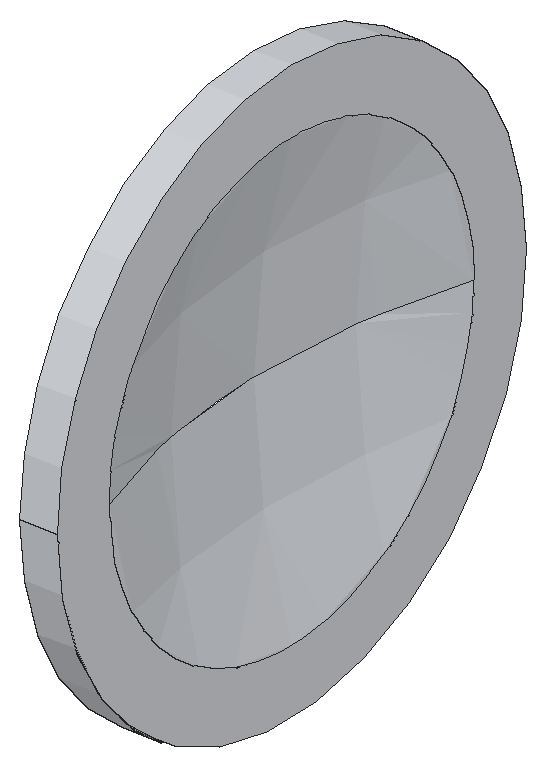
Revit family "5bed89c66ae74200a5393e644ad81085", category Pipe Fittings, Revit 2021
Family settings
  Round Connector Dimension = Use Radius
  Part Type = Cap
  OmniClass Number = 23.60.30.11.14
  OmniClass Title = Pipework Fittings
  Seek Item ID = Cap - PVC - Sch 40-0000-USA-ENU
  Work Plane-Based = No
  Always vertical = Yes
  Cut with Voids When Loaded = No
  Shared = No
Parameters (values of type "Standard")
  Nominal Radius [instance] = 7.0000"
  Nominal Diameter [instance] = Nominal Radius * 2  # 14.0000"
  Loss Method = Not Defined
  Socket Outside Radius [instance] = Socket Outside Diameter / 2  # 8.0950"
  Socket Outside Diameter [instance] = size_lookup(Lookup Table Name, "SOD", 1.08 * Nominal Diameter + 1.12109", Nominal Diameter)  # 16.1900"
  Lookup Table Name = "Plug Dished - MJ - DI - Class 250"
  Length 1 [instance] = (((Socket Outside Radius * Socket Outside Radius) / Gland Width) - Gland Width) / 2  # 24.35608"
  Default Elevation = 0.0000"
  Bevel Length [instance] = size_lookup(Lookup Table Name, "BvLgt", 0.04 * Nominal Diameter + 0.4300", Nominal Diameter)  # 0.8900"
  Gland Width [instance] = size_lookup(Lookup Table Name, "GWid", 0.03 * Nominal Diameter + 0.9400", Nominal Diameter)  # 1.3100"
  Gland Outside Radius [instance] = Gland Outside Diameter / 2  # 10.1250"
  Gland Outside Diameter [instance] = size_lookup(Lookup Table Name, "GOD", 1.16 * Nominal Diameter + 4.0300", Nominal Diameter)  # 20.2500"
Reference planes (in)
  plane 1 "Center (Front/Back)": y = 0
  plane 2: z = 0
  plane 3 "Center (Left/Right)": x = 0
  plane 4: x = 2.2
  plane 5: y = 8.095
  plane 6: y = -8.095
  plane 7: x = 0.89
  plane 8: x = 25.24608
Forms (in)
  Extrusion 1, solid, detail levels fine
    sketch origin (0, 0, 0) x (0, 1, 0) y (0, 0, 1)
      loop
        circle (0, 0) r 8.095
    from 0 to 0.89
  Extrusion 2, solid, detail levels fine
    sketch origin (0, 0, 0) x (0, 1, 0) y (0, 0, 1)
      loop
        circle (0, 0) r 10.125
    from 0.89 to 2.2
  Revolve 3, void
    sketch origin (0, 0, 0) x (1, 0, 0) y (0, 1, 0)
      loop
        line (25.24608, -24.35608) -> (25.24608, 24.35608)
        arc (25.24608, 24.35608) -> (0.89, 0) -> (25.24608, -24.35608) r 24.35608
      axis (25.24608, 24.35608) -> (25.24608, -24.35608)
    angle from 0 to 360
Cuts and joins
  Revolve 3 cuts Extrusion 2
  joined: Extrusion 1, Extrusion 2
Lines and regions (in)
  model lines, detail levels coarse+medium
    curve 1: line (0, 8.095, 0) -> (2.2, 8.095, 0)
    curve 2: line (2.2, 8.095, 0) -> (2.2, -8.095, 0)
    curve 3: line (2.2, -8.095, 0) -> (0, -8.095, 0)
Dimensions and locks (in)
  "Socket Outside Radius": plane 1 "Center (Front/Back)" to plane 5
  "Socket Outside Radius": plane 6 to plane 1 "Center (Front/Back)"
  "Gland Width": plane 7 to plane 4
  "Bevel Length": plane 3 "Center (Left/Right)" to plane 7
  "Length 1": plane 7 to plane 8
  "Socket Outside Radius": radius of Extrusion 1 sketch curve
  "Gland Outside Radius": radius of Extrusion 2 sketch curve
  "Length 1": radius of Revolve 3 sketch curve
  aligned and locked: curve 2 to plane 4
  aligned and locked: plane 3 "Center (Left/Right)" to curve 1
  aligned and locked: plane 3 "Center (Left/Right)" to curve 3
  aligned and locked: curve 1 to plane 5
  aligned and locked: curve 3 to plane 6
  aligned and locked: plane 1 "Center (Front/Back)" to Extrusion 1 sketch curve
  aligned and locked: plane 2 to Extrusion 1 sketch curve
  aligned and locked: Extrusion 1 to plane 3 "Center (Left/Right)"
  aligned and locked: Extrusion 1 to plane 7
  aligned and locked: Extrusion 2 to plane 7
  aligned and locked: plane 4 to Extrusion 2
  aligned and locked: plane 2 to Extrusion 2 sketch curve
  aligned and locked: plane 1 "Center (Front/Back)" to Extrusion 2 sketch curve
  aligned and locked: Revolve 3 sketch curve to plane 8  (x2)
  aligned and locked: plane 1 "Center (Front/Back)" to Revolve 3 sketch curve
  aligned and locked: plane 8 to Revolve 3 sketch curve
Automatic sketch dimensions
  Revolve 3 sketch curve to Revolve 3 sketch curve = 2.91868"
  Revolve 3 sketch curve to Revolve 3 sketch curve = 2.01868"
Connectors (in)
  piping at (0, 0, 0), diameter 14, driven by "Nominal Radius"
    settings: on Extrusion 1, index 1, connector inside diameter 14.0000", connector length 0.0000", flow factor 0, pipe flow 0 GPM, pressure drop 0.00 psi, fitting loss kfactor 0, connector angle 0.00°, fixture units 0, engagement length 0.0000", angle of deflection 0.00°, flow configuration 0, flow direction 0, fitting loss method 0, system type 28, joint type 0, gender type 0, connector reference index -1, connector utility 0, adjustable connector no, is connector primary yes, connector description ""
